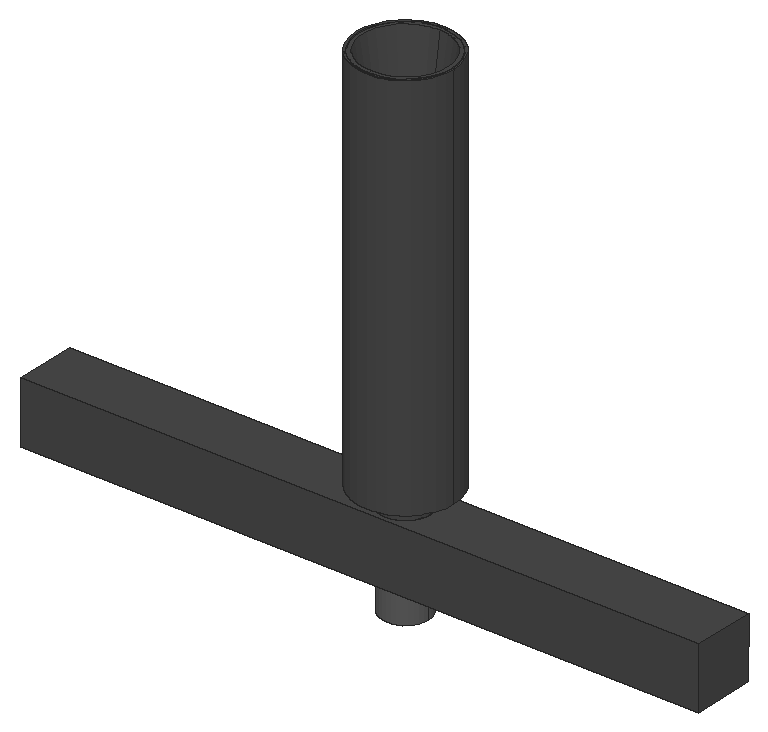
Revit family "Zaniboni-Gem-4R", category Lighting Fixtures, host Face, Revit 2016
Family settings
  Host = Face
  Part Type = Normal
  Round Connector Dimension = Use Diameter
  Cut with Voids When Loaded = No
  Light Source = Yes
  Shared = No
  Room Calculation Point = No
Parameters (values of type "K0-GEM4R-0327A-2C-WS")
  Wattage Comments = "7W"
  Wattage = 9.2903 W
  built-in parameter 1150110 = 1 (stored number, unit not read)
  Voltage = 120 V
  URL = "www.zanibonilighting.com"
  Type Comments = "GEM"  # constant formula
  built-in parameter 1114217 = 1 (stored number, unit not read)
  Tilt Angle = 90.00°
  built-in parameter 1150109 = 1 (stored number, unit not read)
  built-in parameter 1150134 = 3
  built-in parameter 1150113 = 1 (stored number, unit not read)
  Support Finish = ZBN - Metal Matte Black
  Screen Finish = ZBN - Glass
  Photometric Web File = "generic"
  built-in parameter 1150142 = (empty or 0)
  Model = "K0-GEM4R-0327A-2C-WS"
  Mechanism Finish = ZBN - Plastic-Black
  Manufacturer = "Zaniboni"  # constant formula
  built-in parameter 1150105 = 109.82 (stored number, unit not read)
  Lumens = 1380 lm
  built-in parameter 1150115 = 1 (stored number, unit not read)
  built-in parameter 1150137 = (empty or 0)
  built-in parameter 1150139 = (empty or 0)
  built-in parameter 1150112 = 1 (stored number, unit not read)
  built-in parameter 1150114 = 1 (stored number, unit not read)
  Keynote = "12500"
  Kelvin = "2700K"
  built-in parameter 1150132 = (empty or 0)
  built-in parameter 1150102 = (empty or 0)
  built-in parameter 1150107 = 3200 (stored number, unit not read)
  built-in parameter 1150138 = (empty or 0)
  built-in parameter 1150106 = 1.0982 (stored number, unit not read)
  Frame Finish = ZBN - Metal Matte Black
  Emit from Circle Diameter = 179/256"
  Emit Shape Visible in Rendering = no
  built-in parameter 1150104 = 13.8 (stored number, unit not read)
  Dist1 = 0"
  Dimming Lamp Color Temperature Shift = <None>
  Diameter = 1"
  Description = "0.7 inch Round Mini-Track"
  Default Elevation = 48"
  Color Filter = 16777215
  CRI = "80"
  Body Finish = ZBN - Metal Matte Black
  Beam = "24°"
  built-in parameter 1114218 = 1 (stored number, unit not read)
  built-in parameter 1150133 = 10 (stored number, unit not read)
  Assembly Code = "E1020300"
Types (2): name | Model | Dist1 | Description
  K0-GEM4R-0327A-2C-WS-Adapter | "K0-GEM4R-0327A-2C-WS-Adapter" | 1 1/4" | "0.7 inch Round W/Adapter"
  K0-GEM4R-0327A-2C-WS | "K0-GEM4R-0327A-2C-WS" | 0" | "0.7 inch Round Mini-Track"
Reference planes (in)
  plane 1 "Center (Front/Back)": y = 0
  plane 2: z = 0
  plane 3 "Center (Left/Right)": x = 0
  plane 4: z = 0.62992
  plane 5: z = 0.62992
Forms (in)
  Extrusion 1, solid, material "ZBN - Metal Matte Black" <- "Support Finish"
    sketch origin (0, 0, 0) x (0, 1, 0) y (0, 0, 1)
      loop
        line (0.3189, 0.62992) -> (-0.3189, 0.62992) -> (-0.3189, 0) -> (0.3189, 0) -> (0.3189, 0.62992)
    from -3.70079 to 3.26772
  Extrusion 2, solid, material "ZBN - Plastic-Black" <- "Mechanism Finish"
    sketch origin (0, 0, 0) x (1, 0, 0) y (0, 1, 0)
      loop
        circle (0, 0) r 0.2375
    from -0.35073 to 0
  Extrusion 3, solid, material "ZBN - Metal Matte Black" <- "Body Finish"
    sketch origin (0, 0, 0) x (1, 0, 0) y (0, 1, 0)
      loop
        circle (0, 0) r 0.5
      loop
        circle (0, 0) r 0.47604
    from 0.80718 to 4.80718
  Extrusion 4, solid, material "ZBN - Metal Matte Black" <- "Support Finish"
    sketch origin (0, 0, 0) x (1, 0, 0) y (0, 1, 0)
      loop
        circle (0, 0) r 0.26018
    from 0.62992 to 2.04724
  Extrusion 5, void
    sketch origin (0, 0, 0) x (0, 1, 0) y (0, 0, 1)
      loop
        line (0.19973, 2.09642) -> (-0.19973, 2.09642) -> (-0.19973, 1.69291) -> (0.19973, 1.69291) -> (0.19973, 2.09642)
    from -1.7829 to 0.08858
  Extrusion 6, solid, material "ZBN - Metal Matte Black" <- "Frame Finish"
    sketch origin (0, 0, 0) x (1, 0, 0) y (0, 1, 0)
      loop
        line (-0.15999, 0.11811) -> (-0.15999, -0.11811) -> (0.13772, -0.11811) -> (0.13772, 0.11811) -> (-0.15999, 0.11811)
    from 1.69291 to 2.22776
  Revolve 7, solid, material "ZBN - Metal Matte Black" <- "Frame Finish"
    sketch origin (0, 0, 0) x (0, 1, 0) y (0, 0, 1)
      loop
        line (0.43697, 4.80718) -> (0.34203, 4.2078) -> (0.47578, 4.2078) -> (0.47578, 4.80718) -> (0.43697, 4.80718)
      axis (0, 4.2078) -> (0, 4.80718)
    angle from 0 to 360
  Revolve 8, solid
    sketch origin (0, 0, 0) x (0, 1, 0) y (0, 0, 1)
      loop
        line (0, 3.8574) -> (0, 3.89205) -> (-0.17166, 3.89205)
        arc (-0.17166, 3.89205) -> (-0.26447, 4.02037) -> (-0.30761, 4.17275) r 0.45434
        line (-0.30761, 4.17275) -> (-0.34218, 4.17275)
        arc (-0.34218, 4.17275) -> (-0.28708, 4.0004) -> (-0.1762, 3.8574) r 0.51936
        line (-0.1762, 3.8574) -> (0, 3.8574)
      axis (0, 3.8574) -> (0, 4.17275)
    angle from 0 to 360
  Extrusion 9, solid, material "ZBN - Glass" <- "Screen Finish"
    sketch origin (0, 0, 0) x (1, 0, 0) y (0, 1, 0)
      loop
        circle (0, 0) r 0.34203
    from 4.16843 to 4.2078
  Extrusion 10, solid, material "ZBN - Metal Matte Black" <- "Support Finish"
    sketch origin (0, 0, 0) x (1, 0, 0) y (0, 1, 0)
      loop
        circle (0, 0) r 0.26018
    from 0.58656 to 0.62992
  Extrusion 11, void
    sketch origin (0, 0, 0) x (1, 0, 0) y (0, 1, 0)
      loop
        circle (0, 0) r 0.26018
    from -5.84927 to 0.04508
  Extrusion 12, void
    sketch origin (0, 0, 0) x (0, 1, 0) y (0, 0, 1)
      loop
        arc (0.27559, 1.95711) -> (0.00031, 2.23239) -> (-0.27496, 1.95711) r 0.27528
        line (-0.27496, 1.95711) -> (-0.27559, 0.92136)
        arc (-0.27559, 0.92136) -> (-0.29578, 0.80731) -> (-0.35391, 0.70711) r 0.33221
        line (-0.35391, 0.70711) -> (0.35391, 0.70711)
        arc (0.35391, 0.70711) -> (0.29578, 0.80731) -> (0.27559, 0.92136) r 0.33221
        line (0.27559, 0.92136) -> (0.27559, 1.95711)
    from -0.92408 to 0.08858
Cuts and joins
  Extrusion 5 cuts Extrusion 4
  Extrusion 12 cuts Extrusion 3
Lines and regions (in)
  symbolic lines
    curve 1: circle (0, 0, 0) r 0.26018 normal (0, 0, 1)
    curve 2: circle (0, 0, 0) r 0.2375 normal (0, 0, 1)
Dimensions and locks (in)
  locked: plane 5 to plane 2 at 0.62992
  "Dist1": plane 4 to plane 5
  locked: Extrusion 1 to plane 2 at 0.62992
  locked: Extrusion 3 to Revolve 7 sketch curve at 0.59938
  Revolve 8 sketch curve to Revolve 8 sketch curve to Revolve 8 sketch curve to Extrusion 3 = 0.03464" locked, 0.2807" locked, 0.63443" locked
  Extrusion 9 to Extrusion 9 to Extrusion 3 = 0.03937" locked, 0.59938" locked
  locked: cut or joined group of Extrusion 4, Extrusion 5 to plane 4 at 1.41732
  cut or joined group of Extrusion 4, Extrusion 5 to cut or joined group of Extrusion 4, Extrusion 5 to plane 4 = 0.35433" locked, 1.06299" locked
  Extrusion 6 to Extrusion 6 to plane 4 = 0.53484" locked, 1.06299" locked
  locked: plane 5 to Extrusion 10 at 0.04336
  locked: Extrusion 3 to Extrusion 3 at 4
  Extrusion 12 sketch curve to Extrusion 12 sketch curve to Extrusion 12 sketch curve to Extrusion 3 = 0" locked, 0" locked, 2.85006" locked
  locked: cut or joined group of Extrusion 3, Extrusion 12 to plane 4 at 0.17725
  aligned and locked: plane 2 to host face
  aligned and locked: level to host face
  aligned and locked: level to Extrusion 2
  aligned and locked: Extrusion 4 to plane 4
  aligned and locked: Revolve 7 sketch curve to Extrusion 3
  aligned and locked: imposter light to Revolve 8
  aligned and locked: plane 4 to Extrusion 10
Automatic sketch dimensions
  host sketch curve to host sketch curve = 96"  (x2)
  Extrusion 1 sketch curve to level = 0"
  Extrusion 1 sketch curve to plane 5 = 0"
  plane 1 "Center (Front/Back)" to Extrusion 1 sketch curve = 0.3189"
  Extrusion 1 sketch curve to plane 1 "Center (Front/Back)" = 0.3189"
  plane 1 "Center (Front/Back)" to Extrusion 2 sketch curve = 0"
  plane 3 "Center (Left/Right)" to Extrusion 2 sketch curve = 0"
  Extrusion 3 sketch curve to Extrusion 3 sketch curve = 0"  (x2)
  plane 1 "Center (Front/Back)" to Extrusion 3 sketch curve = 0"
  Extrusion 3 sketch curve to plane 3 "Center (Left/Right)" = 0"
  plane 1 "Center (Front/Back)" to Extrusion 4 sketch curve = 0"
  Extrusion 4 sketch curve to plane 3 "Center (Left/Right)" = 0"
  plane 1 "Center (Front/Back)" to Extrusion 5 sketch curve = 0.19973"
  Extrusion 5 sketch curve to plane 1 "Center (Front/Back)" = 0.19973"
  plane 4 to Extrusion 5 sketch curve = 1.06299"
  Extrusion 5 sketch curve to Extrusion 5 sketch curve = 0.4035"
  Extrusion 6 sketch curve to plane 3 "Center (Left/Right)" = 0.15999"
  plane 3 "Center (Left/Right)" to Extrusion 6 sketch curve = 0.13772"
  plane 1 "Center (Front/Back)" to Extrusion 6 sketch curve = 0.11811"
  Extrusion 6 sketch curve to plane 1 "Center (Front/Back)" = 0.11811"
  Revolve 7 sketch curve to plane 1 "Center (Front/Back)" = 0"
  Revolve 7 sketch curve to plane 1 "Center (Front/Back)" = 0.34203"
  Revolve 7 sketch curve to plane 1 "Center (Front/Back)" = 0.43697"
  Revolve 7 sketch curve to Revolve 7 sketch curve = 0.13375"
  Revolve 7 sketch curve to Revolve 7 sketch curve = 0"
  Revolve 7 sketch curve to Revolve 7 sketch curve = 0.15062"
  Revolve 8 sketch curve to plane 1 "Center (Front/Back)" = 0"  (x2)
  plane 1 "Center (Front/Back)" to Revolve 8 sketch curve = 0.17166"
  Revolve 8 sketch curve to Revolve 8 sketch curve = 0.00455"
  plane 1 "Center (Front/Back)" to Revolve 8 sketch curve = 0.30761"
  Revolve 8 sketch curve to Revolve 8 sketch curve = 0.03457"
  Revolve 8 sketch curve to plane 1 "Center (Front/Back)" = 0.14443"
  Revolve 8 sketch curve to Revolve 8 sketch curve = 0.02807"
  Revolve 8 sketch curve to Revolve 8 sketch curve = 0"
  Revolve 8 sketch curve to Revolve 8 sketch curve = 0.05646"
  plane 1 "Center (Front/Back)" to Extrusion 9 sketch curve = 0"
  Extrusion 9 sketch curve to plane 3 "Center (Left/Right)" = 0"
  plane 1 "Center (Front/Back)" to Extrusion 10 sketch curve = 0"
  Extrusion 10 sketch curve to plane 3 "Center (Left/Right)" = 0"
  plane 1 "Center (Front/Back)" to Extrusion 11 sketch curve = 0"
  Extrusion 11 sketch curve to plane 3 "Center (Left/Right)" = 0"
  curve 1 to curve 2 = 0"  (x2)
  plane 1 "Center (Front/Back)" to curve 1 = 0"
  curve 1 to plane 3 "Center (Left/Right)" = 0"
  plane 1 "Center (Front/Back)" to Extrusion 12 sketch curve = 0.27496"
  Extrusion 12 sketch curve to plane 1 "Center (Front/Back)" = 0.00031"
  Extrusion 12 sketch curve to Extrusion 12 sketch curve = 0.07895"
  Extrusion 12 sketch curve to Extrusion 12 sketch curve = 0.00063"
  Extrusion 12 sketch curve to Extrusion 12 sketch curve = 0.07832"
  Extrusion 12 sketch curve to Extrusion 12 sketch curve = 0"
  Extrusion 12 sketch curve to Extrusion 12 sketch curve = 0.33221"  (x2)
  plane 4 to Extrusion 12 sketch curve = 0.29144"
  radius of Extrusion 2 sketch curve = 0.2375"
  radius of Extrusion 3 sketch curve = 1/2"
  radius of Extrusion 3 sketch curve = 0.47604"
  radius of Extrusion 4 sketch curve = 0.26018"
  radius of Extrusion 9 sketch curve = 0.34203"
  radius of Extrusion 10 sketch curve = 0.26018"
  radius of Extrusion 11 sketch curve = 0.26018"
  radius of curve 1 = 0.26018"
  radius of curve 2 = 0.2375"
Connectors (in)
  electrical at (0, 0, -0.35073), driven by "Voltage"
    settings: on Extrusion 2, index 1, voltage 120 V, apparent load 0 VA, apparent load phase1 0 VA, apparent load phase2 0 VA, apparent load phase3 0 VA, power factor 1, load classification "Other", number of poles 1, system type 31, power factor state 1, is connector primary yes, connector utility no, sub classification motor no, connector description ""
